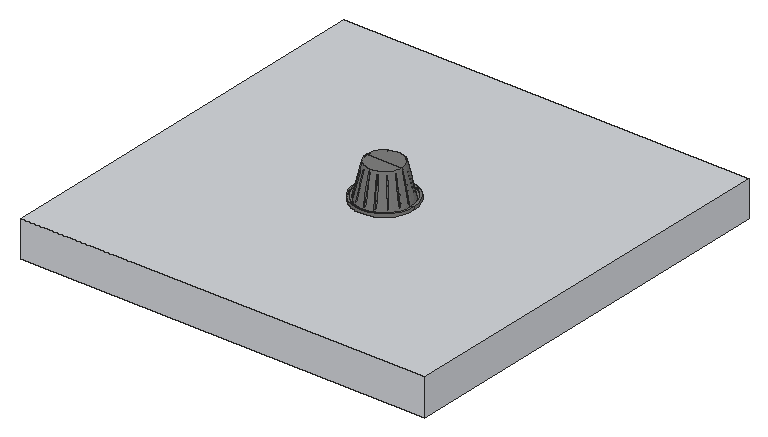
Revit family
Parameters (values of type "3"")
  URL = "WWW.MIFAB.COM"
  Top Diameter = 14.125"
  Roof Drain = Roof Drain
  R1 = 5.000"
  Pipe Radius = 1.500"
  Pipe Diameter = Pipe Radius * 2  # 3.000"
  Model = "R1200-R-SR"
  Manufacturer = "MIFAB"
  H3 = Body Height / 3.375  # 1.81481"
  H2 = Body Height / 1.99  # 3.07789"
  H1 = Body Height / 1.53  # 4.00327"
  Description = "LARGE SUMP ROOF DRAIN WITH PARABOLIC FLOW CONTROL WEIR"
  Default Elevation = 48.000"
  Body Height = 6.125"
Types (7): name | Pipe Radius | Pipe Diameter | H3 | H2 | H1 | Body Height
  (no name) | 1.500" | 3.000" | 1.81481" | 3.07789" | 4.00327" | 6.125"
  4" | 2.000" | 4.000" | 1.81481" | 3.07789" | 4.00327" | 6.125"
  2" | 1.000" | 2.000" | 1.81481" | 3.07789" | 4.00327" | 6.125"
  3" | 1.500" | 3.000" | 1.81481" | 3.07789" | 4.00327" | 6.125"
  5" | 2.500" | 5.000" | 1.81481" | 3.07789" | 4.00327" | 6.125"
  6" | 3.000" | 6.000" | 2.37037" | 4.0201" | 5.22876" | 8.000"
  8" | 4.000" | 8.000" | 2.37037" | 4.0201" | 5.22876" | 8.000"
Reference planes (in)
  plane 1 "Center (Front/Back)": y = 0
  plane 2: z = 0
  plane 3 "Center (Left/Right)": x = 0
  plane 4: x = 1.7
  plane 5: x = 4.25
  plane 6: x = 4.5
  plane 7: x = 5
  plane 8: x = 7.0625
  plane 9: x = 1.5
  plane 10: z = -6.125
  plane 11: z = -4.00327
  plane 12: z = -3.07789
  plane 13: z = -0.2
  plane 14: z = 0.2085
  plane 15: z = -1.81481
  plane 16: x = 4.2
  plane 17: z = 8
  plane 18: x = 6
  plane 19: x = -0.25
  plane 20: x = 0.25
  plane 21: z = 7.5
  plane 22: z = 0.7085
  plane 23: x = -7.0625
  plane 24: x = -4.2
  plane 25: z = 3.5
Forms (in)
  Extrusion 1, solid
    sketch origin (0, 0, 0) x (1, 0, 0) y (0, 1, 0)
      loop
        line (-48, 48) -> (-48, -48) -> (48, -48) -> (48, 48) -> (-48, 48)
    from 0 to -8.62789
  Revolve 2, solid, material "Roof Drain" <- "Roof Drain"
    sketch origin (0, 0, 0) x (1, 0, 0) y (0, 0, 1)
      loop
        line (1.7, -6.125) -> (1.7, -4.00327) -> (4.25, -4.00327) -> (4.5, -0.2) -> (5, -0.2) -> (5, 0) -> (7.0625, 0) -> (7.0625, 0.7085) -> (6.63109, 0.7085) -> (6.63109, 0.50422) -> (6.8625, 0.50422) -> (6.8625, 0.2085) -> (1.8625, 0.2085) -> (1.8625, 3.5) -> (1.6625, 3.5) -> (1.6625, 0) -> (4.30026, 0) -> (4.05026, -3.80327) -> (1.5, -3.80327) -> (1.5, -6.125) -> (1.7, -6.125)
      axis (0, 3.5) -> (0, -6.125)
    angle from 0 to 360
  Revolve 3, solid, material "Roof Drain" <- "Roof Drain"
    sketch origin (0, 0, 0) x (1, 0, 0) y (0, 0, 1)
      loop
        line (0, 8) -> (0, 7.8) -> (4.04094, 7.8) -> (5.79473, 0.2085) -> (6, 0.2085) -> (4.2, 8) -> (0, 8)
      axis (0, 0.2085) -> (0, 8)
    angle from 0 to 360
  Extrusion 4, void
    sketch origin (0, 0, 0) x (1, 0, 0) y (0, 0, 1)
      loop
        line (-0.25, 7.5125) -> (-0.25, 0.7085) -> (0.25, 0.7085) -> (0.25, 7.5125) -> (-0.25, 7.5125)
    from -6.43838 to 6.34689
  Extrusion 5, void
    sketch origin (0, 0, 0) x (0.92388, -0.382683, 0) y (0, 0, 1)
      loop
        line (-0.25, 7.5125) -> (-0.25, 0.7085) -> (0.25, 0.7085) -> (0.25, 7.5125) -> (-0.25, 7.5125)
    from -6.43838 to 6.34689
  Extrusion 6, void
    sketch origin (0, 0, 0) x (0.92388, 0.382683, 0) y (0, 0, 1)
      loop
        line (-0.25, 7.5125) -> (-0.25, 0.7085) -> (0.25, 0.7085) -> (0.25, 7.5125) -> (-0.25, 7.5125)
    from -6.43838 to 6.34689
  Extrusion 7, void
    sketch origin (0, 0, 0) x (0.707107, 0.707107, 0) y (0, 0, 1)
      loop
        line (-0.25, 7.5125) -> (-0.25, 0.7085) -> (0.25, 0.7085) -> (0.25, 7.5125) -> (-0.25, 7.5125)
    from -6.43838 to 6.34689
  Extrusion 8, void
    sketch origin (0, 0, 0) x (0.382683, 0.92388, 0) y (0, 0, 1)
      loop
        line (-0.25, 7.5125) -> (-0.25, 0.7085) -> (0.25, 0.7085) -> (0.25, 7.5125) -> (-0.25, 7.5125)
    from -6.43838 to 6.34689
  Extrusion 9, void
    sketch origin (0, 0, 0) x (0, 1, 0) y (0, 0, 1)
      loop
        line (-0.25, 7.5125) -> (-0.25, 0.7085) -> (0.25, 0.7085) -> (0.25, 7.5125) -> (-0.25, 7.5125)
    from -6.43838 to 6.34689
  Extrusion 10, void
    sketch origin (0, 0, 0) x (-0.382683, 0.92388, 0) y (0, 0, 1)
      loop
        line (-0.25, 7.5125) -> (-0.25, 0.7085) -> (0.25, 0.7085) -> (0.25, 7.5125) -> (-0.25, 7.5125)
    from -6.43838 to 6.34689
  Extrusion 11, void
    sketch origin (0, 0, 0) x (-0.707107, 0.707107, 0) y (0, 0, 1)
      loop
        line (-0.25, 7.5125) -> (-0.25, 0.7085) -> (0.25, 0.7085) -> (0.25, 7.5125) -> (-0.25, 7.5125)
    from -6.43838 to 6.34689
Cuts and joins
  Extrusion 4, Extrusion 5, Extrusion 6, Extrusion 7, Extrusion 8, Extrusion 9, Extrusion 10, Extrusion 11 cuts Revolve 3
Dimensions and locks (in)
  "Pipe Radius": plane 9 to plane 3 "Center (Left/Right)"
  locked: plane 4 to plane 9 at 0.2
  "R1": plane 7 to plane 3 "Center (Left/Right)"
  locked: plane 5 to plane 3 "Center (Left/Right)" at 4.25
  locked: plane 6 to plane 3 "Center (Left/Right)" at 4.5
  "Body Height": level to plane 10
  level to plane 13 = 0.200"
  "H3": level to plane 15
  "H2": Extrusion 1 to plane 12
  "H1": level to plane 11
  locked: plane 18 to plane 3 "Center (Left/Right)" at 6
  locked: plane 17 to Revolve 3 sketch curve at 0.2
  locked: Revolve 3 sketch curve to Revolve 3 sketch curve at 0.2
  locked: Revolve 2 sketch curve to Revolve 2 sketch curve at 0.2
  locked: Revolve 2 sketch curve to Revolve 2 sketch curve at 0.21243
  locked: plane 17 to plane 21 at 0.5
  locked: plane 22 to plane 14 at 0.5
  equal spacing: plane 23, plane 3 "Center (Left/Right)", plane 8
  "Top Diameter": plane 23 to plane 8
  plane 24 to plane 16 = 8.400"
  plane 24 to plane 3 "Center (Left/Right)" to plane 16 = 4.200" locked, 4.200" locked
  locked: plane 8 to Revolve 2 sketch curve at 0.2
  locked: plane 17 to Extrusion 1 at 8
  plane 25 to level = 3.500"
  Revolve 2 sketch curve to Revolve 2 sketch curve to plane 3 "Center (Left/Right)" = 0.200" locked, 1.6625" locked
  aligned and locked: plane 2 to Extrusion 1
  aligned and locked: level to Extrusion 1
  aligned and locked: Revolve 2 sketch curve to plane 10
  aligned and locked: Revolve 2 sketch curve to plane 4
  aligned and locked: Revolve 2 sketch curve to plane 13
  aligned and locked: Revolve 2 sketch curve to plane 7
  aligned and locked: Extrusion 1 to Revolve 2 sketch curve
  aligned and locked: Revolve 2 sketch curve to plane 14
  aligned and locked: Revolve 2 sketch curve to plane 3 "Center (Left/Right)"
  aligned and locked: plane 9 to Revolve 2 sketch curve
  aligned and locked: Revolve 2 sketch curve to plane 11
  aligned and locked: plane 3 "Center (Left/Right)" to Revolve 3 sketch curve  (x2)
  aligned and locked: Revolve 3 sketch curve to plane 17
  aligned and locked: plane 16 to Revolve 3 sketch curve
  aligned and locked: Revolve 3 sketch curve to plane 14
  aligned and locked: Revolve 2 sketch curve to plane 8
  aligned and locked: Revolve 2 sketch curve to plane 25
  aligned and locked: level to Revolve 2 sketch curve
  aligned and locked: Revolve 2 sketch curve to plane 22
Automatic sketch dimensions
  Extrusion 1 sketch curve to Extrusion 1 sketch curve = 96.000"  (x2)
  Revolve 3 sketch curve to plane 18 = 0.000"
  Revolve 3 sketch curve to Revolve 3 sketch curve = 5.000"
  Revolve 3 sketch curve to Revolve 3 sketch curve = 1.750"
  Extrusion 4 sketch curve to Extrusion 4 sketch curve = 0.500"
  Extrusion 4 sketch curve to Extrusion 4 sketch curve = 6.804"
  Extrusion 5 sketch curve to Extrusion 5 sketch curve = 0.500"
  Extrusion 5 sketch curve to Extrusion 5 sketch curve = 6.804"
  Extrusion 6 sketch curve to Extrusion 6 sketch curve = 0.500"
  Extrusion 6 sketch curve to Extrusion 6 sketch curve = 6.804"
  Extrusion 7 sketch curve to Extrusion 7 sketch curve = 0.500"
  Extrusion 7 sketch curve to Extrusion 7 sketch curve = 6.804"
  Extrusion 8 sketch curve to Extrusion 8 sketch curve = 0.500"
  Extrusion 8 sketch curve to Extrusion 8 sketch curve = 6.804"
  Extrusion 9 sketch curve to Extrusion 9 sketch curve = 0.500"
  Extrusion 9 sketch curve to Extrusion 9 sketch curve = 6.804"
  Extrusion 10 sketch curve to Extrusion 10 sketch curve = 0.500"
  Extrusion 10 sketch curve to Extrusion 10 sketch curve = 6.804"
  Extrusion 11 sketch curve to Extrusion 11 sketch curve = 0.500"
  Extrusion 11 sketch curve to Extrusion 11 sketch curve = 6.804"
  Revolve 2 sketch curve to plane 5 = 0.000"
  Revolve 2 sketch curve to plane 6 = 0.000"
  Revolve 2 sketch curve to Revolve 2 sketch curve = 0.23141"
  plane 10 to Revolve 2 sketch curve = 5.000"
  Revolve 2 sketch curve to Revolve 2 sketch curve = 11.000"
  Revolve 2 sketch curve to plane 22 = 0.20428"
Connectors (in)
  piping at (0, 0, -6.125), driven by "Pipe Radius"
    settings: on Revolve 2, index 1, connector radius 1 1/2", flow factor 0, pipe flow 0 GPM, pressure drop 0.00 psi, fitting loss kfactor 0, connector angle 0.00°, fixture units 0, flow configuration 0, flow direction 2, fitting loss method 0, system type 16, connector reference index -1, connector utility 0, adjustable connector no, is connector primary yes, fitting loss table "", connector description ""
